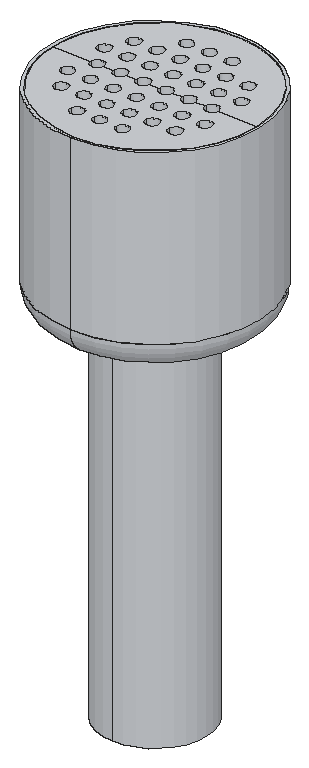
Revit family "RS425.60.4.129", category Sanitärinstallationen, Revit 2020
Family settings
  Bemaßung runder Anschluss = Durchmesser verwenden
  Teiletyp = Normal
  Arbeitsebenenbasiert = Nein
  Immer vertikal = Ja
  Beim Laden mit Abzugskörper schneiden = Nein
  Gemeinsam genutzt = Nein
  Raumberechnungspunkt = Nein
Parameters (values of type "DN60")
  Übergangsbride [instance] = no
  Vorgabe-Ansicht = 0 mm
  URL = "https://www.resitec.ch/"
  RS_s001 = 3 mm
  RS_dimH-Rost [instance] = RS_Rost_h1 - 38 mm  # 279 mm
  RS_dim001 = 122 mm
  RS_dim002 = RS_dim001  # 122 mm
  RS_dim003 = 25 mm
  RS_dia002 = 130 mm
  RS_dia001 = 129 mm
  RS_DVol-T = 300 mm
  RS_DVol-L = 300 mm
  RS_DN2 = 0 mm
  RS_DN1d = 63.5 mm
  RS_DN1 = 60 mm
  RS_AVol-T = 129 mm
  RS_AVol-L = 129 mm
  RS_AVol-H = 200 mm
  RS_URL = "https://resitec.ch/entwaesserungstechnik/glockensifons/?tx_resitecprodukte_produktliste%5Bprodukt%5D=71&tx_resitecprodukte_produktliste%5Baction%5D=show&tx_resitecprodukte_produktliste%5Bcontroller%5D=Produkt&cHash=81896261f04a31d1bb8fc8234e01d3bc"
  RS_Rost_h1 [instance] = 317 mm
  RS_Rost_Typ [instance] = "RS511.2.145"
  RS_Manufacture = "Resitec"  # constant formula
  RS_Description [instance] = "Glockensifon aus rostfreiem Stahl 1.4404 gebeizt, Typ RS 425/60, bestehend aus: Ablaufteil mit Abgang ø 63.5 mm, vertikal Lochrost 4 mm ø 124 mm aus rostfreiem Stahl 1.4301 gebeizt mit angeschweisster Glocke, barfuss begehbar und mit Rollstuhl befahrbar"  # constant formula
  RS_Articelnumber [instance] = "RS425.60.4.129"
  RS_Add_1 [instance] = ""
  Rückstaudichtung RS644.60 [instance] = no
  Höhe [instance] = 345 mm
  Hersteller = RS_Manufacture  # "Resitec"
  Description = ""
  Baugruppenkennzeichen = "D2030300"
  Anschlusswert DU L/s = 0
Types (3, lengths in mm): name | RS_DN1d | RS_DN1 | RS_URL
  (no name) | 63.5 | 60 | "https://resitec.ch/entwaesserungstechnik/glockensifons/?tx_resitecprodukte_produktliste%5Bprodukt%5D=71&tx_resitecprodukte_produktliste%5Baction%5D=show&tx_resitecprodukte_produktliste%5Bcontroller%5D=Produkt&cHash=81896261f04a31d1bb8fc8234e01d3bc"
  DN40 | 48 | 40 | "https://resitec.ch/entwaesserungstechnik/bodenablauf/?tx_resitecprodukte_produktliste%5Bprodukt%5D=1&tx_resitecprodukte_produktliste%5Baction%5D=show&tx_resitecprodukte_produktliste%5Bcontroller%5D=Produkt&cHash=cee8b11d3745fbe960417df4e1698a16"
  DN60 | 63.5 | 60 | "https://resitec.ch/entwaesserungstechnik/glockensifons/?tx_resitecprodukte_produktliste%5Bprodukt%5D=71&tx_resitecprodukte_produktliste%5Baction%5D=show&tx_resitecprodukte_produktliste%5Bcontroller%5D=Produkt&cHash=81896261f04a31d1bb8fc8234e01d3bc"
Reference planes
  plane 1 "Mitte (Vorne/hinten)": y = 0
  plane 2: z = 0
  plane 3 "Mitte (Links/rechts)": x = 0
  plane 4: y = -64.5
  plane 5: y = 64.5
  plane 6: z = -122
  plane 7: z = -122
  plane 8: y = -31.75
  plane 9: y = 31.75
  plane 10: z = -345
Forms (mm)
  Revolve 1, solid
    sketch origin (0, 0, 0) x (0, 1, 0) y (0, 0, 1)
      loop
        line (0, -122) -> (0, -345) -> (31.75, -345) -> (31.75, -122) -> (0, -122)
      axis (0, -122) -> (0, -345)
    angle from 0 to 360
  Revolve 2, solid
    sketch origin (0, 0, 0) x (0, 1, 0) y (0, 0, 1)
      loop
        line (-64.5, 0) -> (-64.5, -105.204)
        arc (-64.5, -105.204) -> (-59.581, -117.081) -> (-47.704, -122) r 16.796
        line (-47.704, -122) -> (0, -122) -> (0, -120) -> (-49.772, -120)
        arc (-49.772, -120) -> (-58.772, -116.272) -> (-62.5, -107.272) r 12.728
        line (-62.5, -107.272) -> (-62.5, 0) -> (-64.5, 0)
      axis (0, -122) -> (0, 0)
    angle from 0 to 360
Dimensions and locks
  "RS_dia001": plane 4 to plane 5
  equal spacing: plane 4, plane 1 "Mitte (Vorne/hinten)", plane 5
  "RS_dim001": level to plane 7
  "RS_dim002": level to plane 6
  "RS_DN1d": plane 8 to plane 9
  equal spacing: plane 8, plane 1 "Mitte (Vorne/hinten)", plane 9
  "Höhe": level to plane 10
  Revolve 2 sketch curve to Revolve 2 sketch curve = 2 mm  (x2)
  radius of Revolve 2 sketch curve = 12.728 mm
  radius of Revolve 2 sketch curve = 16.796 mm
  aligned and locked: level to plane 2
  aligned and locked: nested 1 to level
  aligned and locked: Revolve 1 sketch curve to plane 1 "Mitte (Vorne/hinten)"
  aligned and locked: Revolve 1 sketch curve to plane 9
  aligned and locked: Revolve 1 sketch curve to Revolve 1 sketch curve
  aligned and locked: plane 10 to Revolve 1  (x2)
  aligned and locked: level to Revolve 2 sketch curve
  aligned and locked: Revolve 2 sketch curve to plane 1 "Mitte (Vorne/hinten)"  (x2)
  aligned and locked: Revolve 2 sketch curve to plane 7
  aligned and locked: plane 4 to Revolve 2 sketch curve
  aligned and locked: plane 7 to Revolve 1
Automatic sketch dimensions
  Revolve 1 sketch curve to plane 9 = 0 mm
  Revolve 1 sketch curve to plane 6 = 0 mm  (x2)
  Revolve 1 sketch curve to plane 10 = 0 mm
  Revolve 1 sketch curve to Revolve 1 sketch curve = 187 mm
  Revolve 2 sketch curve to plane 6 = 20 mm
  level to Revolve 2 sketch curve = 13 mm
Nested families
  nested 1: "RS570" at (0, 0, 0), type "RS570"
Connectors
  piping at (0, 0, -345), diameter 60, driven by "RS_DN1"
    settings: on Revolve 1, index 1, connector inside diameter 609.6 mm, connector length 0 mm, flow factor 0, pipe flow 0.0 L/s, pressure drop 0.0 Pa, fitting loss kfactor 0, connector angle 0.00°, fixture units 0, engagement length 0 mm, angle of deflection 0.00°, flow configuration 0, flow direction 0, fitting loss method 0, system type 7, joint type 0, gender type 0, connector reference index -1, connector utility 0, adjustable connector no, is connector primary yes, connector description ""
Definition of nested family "RS570"
  Parameters (values of type "RS511.4.113")
    Default Elevation = 0 mm
    RS_dRosat = 125 mm
    RS_Hrost = 4.5 mm
  Reference planes
    plane 1 "Mitte (Vorne/hinten)": y = 0
    plane 2: z = 0
    plane 3 "Mitte (Links/rechts)": x = 0
    plane 4: z = -4.5
    plane 5: x = -62.5
    plane 6: x = 62.5
  Forms (mm)
    Revolve 1, solid
      sketch origin (0, 0, 0) x (1, 0, 0) y (0, 0, 1)
        loop
          line (-62.5, -4.5) -> (0, -4.5) -> (0, 0) -> (-62.5, 0) -> (-62.5, -4.5)
        axis (0, -4.5) -> (0, 0)
      angle from 0 to 360
    Extrusion 2, void
      sketch origin (0, 0, 0) x (1, 0, 0) y (0, 1, 0)
        loop
          circle (0, 42) r 4.018
        loop
          circle (14, 42) r 4.018
        loop
          circle (-14, 42) r 4.018
        loop
          circle (-7, 28) r 4.018
        loop
          circle (7, 28) r 4.018
        loop
          circle (-21, 28) r 4.018
        loop
          circle (-35, 28) r 4.018
        loop
          circle (35, 28) r 4.018
        loop
          circle (21, 28) r 4.018
        loop
          circle (0, 14) r 4.018
        loop
          circle (14, 14) r 4.018
        loop
          circle (-14, 14) r 4.018
        loop
          circle (-7, 0) r 4.018
        loop
          circle (7, 0) r 4.018
        loop
          circle (-21, 0) r 4.018
        loop
          circle (-35, 0) r 4.018
        loop
          circle (35, 0) r 4.018
        loop
          circle (21, 0) r 4.018
        loop
          circle (-28, 14) r 4.018
        loop
          circle (-42, 14) r 4.018
        loop
          circle (28, 14) r 4.018
        loop
          circle (42, 14) r 4.018
        loop
          circle (0, -42) r 4.018
        loop
          circle (-14, -42) r 4.018
        loop
          circle (14, -42) r 4.018
        loop
          circle (7, -28) r 4.018
        loop
          circle (-7, -28) r 4.018
        loop
          circle (21, -28) r 4.018
        loop
          circle (35, -28) r 4.018
        loop
          circle (-35, -28) r 4.018
        loop
          circle (-21, -28) r 4.018
        loop
          circle (0, -14) r 4.018
        loop
          circle (-14, -14) r 4.018
        loop
          circle (14, -14) r 4.018
        loop
          circle (28, -14) r 4.018
        loop
          circle (42, -14) r 4.018
        loop
          circle (-28, -14) r 4.018
        loop
          circle (-42, -14) r 4.018
      from -4.5 to 0
  Cuts and joins
    Extrusion 2 cuts Revolve 1
  Lines and regions (mm)
    reference lines
      curve 1: line (-80.52, 14, 0) -> (77.479, 14, 0)
      curve 2: line (-80.52, 28, 0) -> (77.479, 28, 0)
      curve 3: line (-80.52, 42, 0) -> (77.479, 42, 0)
  Dimensions and locks
    "RS_Hrost": level to plane 4
    "RS_dRosat": plane 6 to plane 5
    equal spacing: plane 6, plane 3 "Mitte (Links/rechts)", plane 5
    plane 1 "Mitte (Vorne/hinten)" to curve 1 = 14 mm
    curve 1 to curve 2 = 14 mm
    curve 2 to curve 3 = 14 mm
    radius of Extrusion 2 sketch curve = 4.018 mm  (x38)
    aligned and locked: level to plane 2
    aligned and locked: Extrusion 2 to plane 4
    aligned and locked: level to Extrusion 2
  Automatic sketch dimensions
    curve 3 to plane 5 = 18.02 mm
    curve 2 to curve 3 = 0 mm
    curve 1 to curve 2 = 0 mm  (x2)
    plane 6 to curve 2 = 14.979 mm
    curve 3 to curve 2 = 0 mm
    plane 1 "Mitte (Vorne/hinten)" to Extrusion 2 sketch curve = 0 mm  (x6)
    Extrusion 2 sketch curve to plane 3 "Mitte (Links/rechts)" = 0 mm  (x4)
    Extrusion 2 sketch curve to plane 3 "Mitte (Links/rechts)" = 7 mm  (x3)
    Extrusion 2 sketch curve to plane 3 "Mitte (Links/rechts)" = 14 mm  (x4)
    Extrusion 2 sketch curve to Extrusion 2 sketch curve = 14 mm  (x26)
    plane 3 "Mitte (Links/rechts)" to Extrusion 2 sketch curve = 7 mm  (x3)
    plane 3 "Mitte (Links/rechts)" to Extrusion 2 sketch curve = 14 mm  (x4)
    plane 1 "Mitte (Vorne/hinten)" to Extrusion 2 sketch curve = 14 mm  (x3)
    Extrusion 2 sketch curve to Extrusion 2 sketch curve = 0 mm  (x21)
    Extrusion 2 sketch curve to plane 1 "Mitte (Vorne/hinten)" = 14 mm  (x2)
    Revolve 1 sketch curve to plane 4 = 0 mm  (x2)
    Revolve 1 sketch curve to plane 5 = 0 mm
    Revolve 1 sketch curve to level = 0 mm
    Revolve 1 sketch curve to plane 3 "Mitte (Links/rechts)" = 0 mm  (x2)
    level to Revolve 1 sketch curve = 6.445 mm
